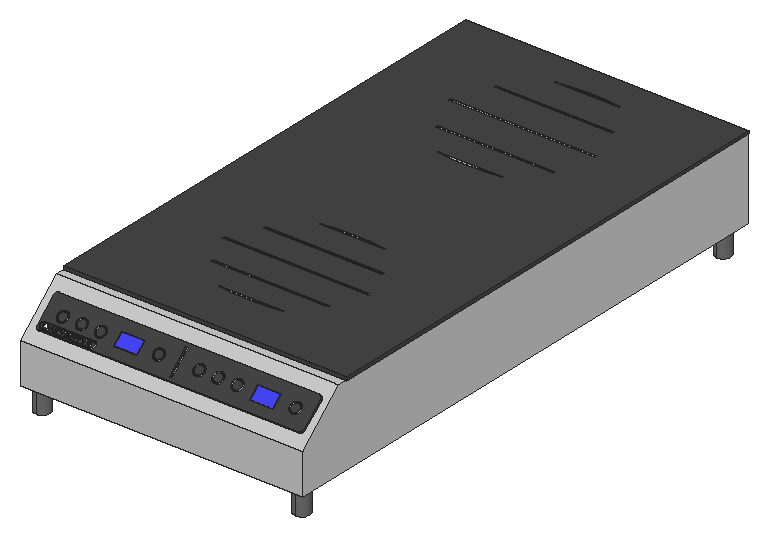
Revit family "QF_ADVENTYS_GL2_7000_F_250901092629", category Specialty Equipment, Revit 2021
Family settings
  Round Connector Dimension = Use Diameter
  Part Type = Normal
  OmniClass Number = 23.40.40.14
  OmniClass Title = Food Service Equipment
  Work Plane-Based = No
  Always vertical = Yes
  Cut with Voids When Loaded = No
  Shared = No
  Room Calculation Point = No
Parameters (values of type "ADV1755")
  Weight in Pounds [instance] = 0
  Weight = 12.00 kg
  Warranty Start Date [instance] = ""
  Warranty Duration [instance] = ""
  Volts [instance] = 240 V
  URL Recommended Spares List = ""
  URL Manufacturer = ""
  URL Cutsheet = ""
  URL Critical Spares List = ""
  URL = "www.adventys.com"
  Tag Number [instance] = ""
  Status [instance] = ""
  Specification by User [instance] = ""
  Specification by Manufacturer [instance] = ""
  Sound Level [instance] = ""
  Solid Fuel Type [instance] = ""
  Service Life Duration [instance] = ""
  Serial Number [instance] = ""
  Seismic Rating [instance] = ""
  SMACNA No [instance] = ""
  Revision Code [instance] = ""
  Revision [instance] = ""
  Production Year [instance] = ""
  Point Load [instance] = 0
  Phase [instance] = 1
  Other Equipment Approvals [instance] = ""
  Number of Poles [instance] = 2
  NAFEM Spec ID Number [instance] = ""
  Model Warning [instance] = ""
  Model = "GL2 7000 F"
  Min Ckt Ampacity [instance] = 0 A
  Max Overcurrent Protection [instance] = 32 A
  Masterspec [instance] = ""
  Manufacturer = "ADVENTYS"
  Length Actual = 370 mm
  Item Number [instance] = ""
  Installed By [instance] = ""
  Installation Date [instance] = ""
  Identify Quantity as Lot [instance] = no
  ID [instance] = ""
  Hygiene Approval [instance] = ""
  Hot Water Consumption = 0.0 L/s
  Height Actual = 140 mm
  HP power [instance] = ""
  Furnished By [instance] = ""
  Foodservice Equipment Identifier [instance] = no
  FL Amps [instance] = 29 A
  Electrical Remarks [instance] = "Plug not included"
  Electric power [instance] = 0 W
  Electric Connection Type [instance] = "Cord&Plug"
  Elec Conn RI Height [instance] = 0 mm
  Elec Conn Connection Height [instance] = 0 mm
  ETL Approved [instance] = no
  Description = "FREE-STANDING INDUCTION HOB TWO ZONE"
  Depth Actual = 730 mm
  Default Elevation = 0 mm
  Cycle [instance] = 60 Hz
  Cost = 0
  Conn Plug [instance] = ""
  Conn Conduit [instance] = no
  CSI MasterFormat [instance] = ""
  CE Approved [instance] = no
  Barcode [instance] = 0
  Author [instance] = ""
  Asset Identifier [instance] = ""
  Apparent Power [instance] = 7000 VA
  Accessory = no
Reference planes
  plane 1 "Center (Front/Back)": y = 0
  plane 2: z = 0
  plane 3 "Center (Left/Right)": x = 0
Forms (mm)
  Extrusion 1, solid, not visible
    sketch origin (55.003, -404.02, 33.002) x (1, 0, 0) y (0, 1, 0)
      loop
        line (-2, 2) -> (-2, -2) -> (2, -2) -> (2, 2) -> (-2, 2)
    from -2 to 2
Dimensions and locks
  locked: nested 2 to Extrusion 1 at 2  (x2)
  aligned and locked: level to plane 2
Nested families
  nested 1: "QF_ADVENTYS_ADV1755_2916" at (0, -2, 0), type "ADV1755"
    with Status "", Show Logo yes, Show Clearance yes
  nested 2: "CONN_POINT_ELE_2D___Generic_Annotation" at (55.003, -404.02, 31.002), type "CONN_POINT_ELE_2D___Generic_Annotation"
    with Onboard connection annotation symbol visibility yes
Connectors
  electrical at (55.003, -404.02, 31.002), driven by "Apparent Power", driven by "Number of Poles", driven by "Volts"
    settings: on Extrusion 1, index 1, voltage 240 V, apparent load 0 VA, apparent load phase1 7000 VA, apparent load phase2 0 VA, apparent load phase3 0 VA, power factor 1, load classification "Other", number of poles 2, system type 31, power factor state 1, is connector primary yes, connector utility no, sub classification motor no, connector description "Electrical connection for GL2 7000 F"
Definition of nested family "QF_ADVENTYS_ADV1755_2916"
  Parameters (values of type "ADV1755")
    URL = "www.adventys.com"
    Status [instance] = ""
    Show Logo [instance] = yes
    Show Clearance [instance] = yes
    Model = "GL2 7000 F"
    Manufacturer = "ADVENTYS"
    Description = "FREE-STANDING INDUCTION HOB TWO ZONE"
    Default Elevation = 0 mm
    Author = "SPECIFI"
    Assembly Code = "E1090320"
  Reference planes
    plane 1 "Back": y = 2
    plane 2: z = 0
    plane 3 "Left": x = 0
    plane 4 "Right": x = 369.825
    plane 5 "Front": y = -728.05
    plane 6 "Top": z = 140
  Forms (mm)
    Extrusion 1, solid
      sketch origin (0, 597, 0.7) x (0, 1, 0) y (0, 0, 1)
        loop
          line (-1325.05, 30) -> (-595, 30) -> (-595, 135) -> (-1235, 135) -> (-1265, 135) -> (-1325.05, 82.799) -> (-1325.05, 30)
      from 0 to 369.825
    Extrusion 2, solid
      sketch origin (0, 597, 0.7) x (1, 0, 0) y (0, 1, 0)
        loop
          line (0, -1253.043) -> (369.825, -1253.043) -> (369.825, -595) -> (0, -595) -> (0, -1253.043)
        loop
          line (149.048, -1020.428) -> (234.048, -1020.428)
          arc (234.048, -1020.428) -> (210.786, -1017.265) -> (187.31, -1017.081) r 184.556
          arc (187.31, -1017.081) -> (168.08, -1017.615) -> (149.048, -1020.428) r 161.697
        loop
          line (264.181, -1060.585) -> (110, -1060.585) -> (110, -1063.011) -> (264.181, -1063.011) -> (264.181, -1060.585)
        loop
          line (280.876, -1103.085) -> (90, -1103.085) -> (90, -1105.511) -> (280.876, -1105.511) -> (280.876, -1103.085)
        loop
          line (264.181, -1148.085) -> (110, -1148.085) -> (110, -1150.511) -> (264.181, -1150.511) -> (264.181, -1148.085)
        loop
          line (234.048, -1185.831) -> (149.048, -1185.831)
          arc (149.048, -1185.831) -> (172.311, -1188.994) -> (195.787, -1189.178) r 184.556
          arc (195.787, -1189.178) -> (215.017, -1188.645) -> (234.048, -1185.831) r 161.697
        loop
          arc (149.048, -827.081) -> (172.311, -830.244) -> (195.787, -830.428) r 184.556
          arc (195.787, -830.428) -> (215.017, -829.895) -> (234.048, -827.081) r 161.697
          line (234.048, -827.081) -> (149.048, -827.081)
        loop
          line (115, -788.011) -> (269.181, -788.011) -> (269.181, -785.585) -> (115, -785.585) -> (115, -788.011)
        loop
          line (90, -735.511) -> (280.876, -735.511) -> (280.876, -733.085) -> (90, -733.085) -> (90, -735.511)
        loop
          line (110, -685.511) -> (264.181, -685.511) -> (264.181, -683.085) -> (110, -683.085) -> (110, -685.511)
        loop
          line (151.548, -639.178) -> (236.548, -639.178)
          arc (236.548, -639.178) -> (213.286, -636.015) -> (189.81, -635.831) r 184.556
          arc (189.81, -635.831) -> (170.58, -636.365) -> (151.548, -639.178) r 161.697
      from 135 to 139.3
    Revolve 3, solid
      sketch origin (15, 589.5, 0) x (0, 1, 0) y (0, 0, 1)
        loop
          line (-1300.05, 30.7) -> (-1300.05, 0) -> (-1290.05, 0) -> (-1290.05, 30.7) -> (-1300.05, 30.7)
        axis (-1300.05, 30.7) -> (-1300.05, 0)
      angle from 0 to 360
    Revolve 4, solid
      sketch origin (355, 589.5, 0) x (0, 1, 0) y (0, 0, 1)
        loop
          line (-1300.05, 30.7) -> (-1300.05, 0) -> (-1290.05, 0) -> (-1290.05, 30.7) -> (-1300.05, 30.7)
        axis (-1300.05, 30.7) -> (-1300.05, 0)
      angle from 0 to 360
    Revolve 5, solid
      sketch origin (355, 1279.5, 0) x (0, 1, 0) y (0, 0, 1)
        loop
          line (-1300.05, 30.7) -> (-1300.05, 0) -> (-1290.05, 0) -> (-1290.05, 30.7) -> (-1300.05, 30.7)
        axis (-1300.05, 30.7) -> (-1300.05, 0)
      angle from 0 to 360
    Revolve 6, solid
      sketch origin (15, 1279.5, 0) x (0, 1, 0) y (0, 0, 1)
        loop
          line (-1300.05, 30.7) -> (-1300.05, 0) -> (-1290.05, 0) -> (-1290.05, 30.7) -> (-1300.05, 30.7)
        axis (-1300.05, 30.7) -> (-1300.05, 0)
      angle from 0 to 360
    Extrusion 7, solid
      sketch origin (0, 597, 0.7) x (0, 1, 0) y (0, 0, 1)
        loop
          line (-635, 30) -> (-752.168, 30) -> (-720, 15) -> (-635, 15) -> (-635, 30)
      from 52.846 to 318.58
    Extrusion 8, solid
      sketch origin (0, 597, 0.7) x (0, 1, 0) y (0, 0, 1)
        loop
          line (-880, 30) -> (-1005, 30) -> (-1005, 20) -> (-880, 20) -> (-880, 30)
      from 73.72 to 300.835
    Extrusion 9, solid
      sketch origin (0, 597, 0.7) x (0, 1, 0) y (0, 0, 1)
        loop
          line (-1285.05, 30) -> (-1285.05, 20) -> (-1125.05, 20) -> (-1125.05, 30) -> (-1285.05, 30)
      from 73.72 to 300.835
    Extrusion 10, solid
      sketch origin (0, 597, 0.7) x (1, 0, 0) y (0, 1, 0)
        loop
          circle (55, -999.55) r 17.001
      from 30 to 41.127
    Extrusion 11, solid
      sketch origin (0, 597, 0.7) x (1, 0, 0) y (0, 1, 0)
        loop
          arc (236.548, -639.178) -> (213.286, -636.015) -> (189.81, -635.831) r 184.556
          arc (189.81, -635.831) -> (170.58, -636.365) -> (151.548, -639.178) r 161.697
          line (151.548, -639.178) -> (236.548, -639.178)
        loop
          line (264.181, -685.511) -> (264.181, -683.085) -> (110, -683.085) -> (110, -685.511) -> (264.181, -685.511)
        loop
          line (280.876, -733.085) -> (90, -733.085) -> (90, -735.511) -> (280.876, -735.511) -> (280.876, -733.085)
        loop
          line (115, -788.011) -> (269.181, -788.011) -> (269.181, -785.585) -> (115, -785.585) -> (115, -788.011)
        loop
          arc (149.048, -827.081) -> (172.311, -830.244) -> (195.787, -830.428) r 184.556
          arc (195.787, -830.428) -> (215.017, -829.895) -> (234.048, -827.081) r 161.697
          line (234.048, -827.081) -> (149.048, -827.081)
        loop
          arc (234.048, -1020.428) -> (210.786, -1017.265) -> (187.31, -1017.081) r 184.556
          arc (187.31, -1017.081) -> (168.08, -1017.615) -> (149.048, -1020.428) r 161.697
          line (149.048, -1020.428) -> (234.048, -1020.428)
        loop
          line (264.181, -1063.011) -> (264.181, -1060.585) -> (110, -1060.585) -> (110, -1063.011) -> (264.181, -1063.011)
        loop
          line (280.876, -1103.085) -> (90, -1103.085) -> (90, -1105.511) -> (280.876, -1105.511) -> (280.876, -1103.085)
        loop
          line (110, -1150.511) -> (264.181, -1150.511) -> (264.181, -1148.085) -> (110, -1148.085) -> (110, -1150.511)
        loop
          line (234.048, -1185.831) -> (149.048, -1185.831)
          arc (149.048, -1185.831) -> (172.311, -1188.994) -> (195.787, -1189.178) r 184.556
          arc (195.787, -1189.178) -> (215.017, -1188.645) -> (234.048, -1185.831) r 161.697
      from 135 to 139.3
    Extrusion 12, solid
      sketch origin (-82.5, -343.432, 228.366) x (1, 0, 0) y (0, 0.75471, 0.656059)
        loop
          arc (97.5, -323.032) -> (93.964, -324.496) -> (92.5, -328.032) r 5
          line (92.5, -328.032) -> (92.5, -363.032)
          arc (92.5, -363.032) -> (93.964, -366.568) -> (97.5, -368.032) r 5
          line (97.5, -368.032) -> (437.325, -368.032)
          arc (437.325, -368.032) -> (440.861, -366.568) -> (442.325, -363.032) r 5
          line (442.325, -363.032) -> (442.325, -328.032)
          arc (442.325, -328.032) -> (440.861, -324.496) -> (437.325, -323.032) r 5
          line (437.325, -323.032) -> (97.5, -323.032)
        loop
          circle (140.135, -345.532) r 6
        loop
          circle (140.135, -345.532) r 7
        loop
          circle (165.135, -345.532) r 7
        loop
          circle (165.135, -345.532) r 6
        loop
          circle (241.135, -345.532) r 6
        loop
          circle (241.135, -345.532) r 7
        loop
          line (217.417, -337.336) -> (187.417, -337.336) -> (187.417, -354.836) -> (217.417, -354.836) -> (217.417, -337.336)
        loop
          circle (115.135, -345.532) r 6
        loop
          circle (115.135, -345.532) r 7
        loop
          circle (318.885, -345.532) r 6
        loop
          circle (318.885, -345.532) r 7
        loop
          circle (343.885, -345.532) r 7
        loop
          circle (343.885, -345.532) r 6
        loop
          circle (419.885, -345.532) r 6
        loop
          circle (419.885, -345.532) r 7
        loop
          line (396.167, -337.336) -> (366.167, -337.336) -> (366.167, -354.836) -> (396.167, -354.836) -> (396.167, -337.336)
        loop
          circle (293.885, -345.532) r 6
        loop
          circle (293.885, -345.532) r 7
        loop
          line (268.413, -328.032) -> (266.413, -328.032) -> (266.413, -363.032) -> (268.413, -363.032) -> (268.413, -328.032)
      from 143 to 145
    Extrusion 13, solid
      sketch origin (-57.5, -343.432, 228.366) x (1, 0, 0) y (0, 0.75471, 0.656059)
        loop
          circle (216.135, -345.532) r 6
        loop
          circle (216.135, -345.532) r 7
        loop
          circle (90.135, -345.532) r 6
        loop
          circle (115.135, -345.532) r 6
        loop
          circle (90.135, -345.532) r 7
        loop
          circle (115.135, -345.532) r 7
        loop
          circle (140.135, -345.532) r 6
        loop
          circle (140.135, -345.532) r 7
        loop
          line (241.413, -328.032) -> (241.413, -363.032) -> (243.413, -363.032) -> (243.413, -328.032) -> (241.413, -328.032)
        loop
          circle (394.885, -345.532) r 6
        loop
          circle (394.885, -345.532) r 7
        loop
          circle (268.885, -345.532) r 6
        loop
          circle (293.885, -345.532) r 6
        loop
          circle (268.885, -345.532) r 7
        loop
          circle (293.885, -345.532) r 7
        loop
          circle (318.885, -345.532) r 6
        loop
          circle (318.885, -345.532) r 7
      from 143 to 145
    Extrusion 14, solid, visible <- "Show Logo"
      sketch origin (-70.73, -275.591, 245.243) x (1, 0, 0) y (0, 0.75471, 0.656059)
        loop
          arc (88.7, -421.254) -> (88.222, -421.452) -> (88.024, -421.93) r 0.676
          line (88.024, -421.93) -> (88.024, -423.602)
          arc (88.024, -423.602) -> (88.232, -424.091) -> (88.729, -424.278) r 0.676
          line (88.729, -424.278) -> (88.729, -423.012)
          arc (88.729, -423.012) -> (89.079, -422.316) -> (89.806, -422.035) r 1.082
          line (89.806, -422.035) -> (92.693, -422.035)
          arc (92.693, -422.035) -> (92.539, -421.491) -> (92.025, -421.254) r 0.676
          line (92.025, -421.254) -> (88.7, -421.254)
        loop
          arc (88.7, -420.848) -> (87.935, -421.165) -> (87.618, -421.93) r 1.082
          line (87.618, -421.93) -> (87.618, -423.602)
          arc (87.618, -423.602) -> (87.945, -424.378) -> (88.729, -424.684) r 1.082
          arc (88.729, -424.684) -> (89.006, -425.518) -> (89.811, -425.871) r 1.082
          arc (89.811, -425.871) -> (90.124, -426.642) -> (90.893, -426.963) r 1.082
          line (90.893, -426.963) -> (93.953, -426.963)
          arc (93.953, -426.963) -> (94.718, -426.646) -> (95.035, -425.881) r 1.082
          line (95.035, -425.881) -> (95.035, -424.315)
          arc (95.035, -424.315) -> (94.714, -423.546) -> (93.942, -423.233) r 1.082
          arc (93.942, -423.233) -> (93.745, -422.485) -> (93.099, -422.06) r 1.082
          arc (93.099, -422.06) -> (92.835, -421.213) -> (92.025, -420.848) r 1.082
          line (92.025, -420.848) -> (88.7, -420.848)
        loop
          arc (93.953, -426.557) -> (94.431, -426.359) -> (94.629, -425.881) r 0.676
          line (94.629, -425.881) -> (94.629, -424.315)
          arc (94.629, -424.315) -> (94.43, -423.835) -> (93.948, -423.638) r 0.676
          line (93.948, -423.638) -> (93.948, -424.789)
          arc (93.948, -424.789) -> (93.631, -425.554) -> (92.866, -425.871) r 1.082
          line (92.866, -425.871) -> (90.216, -425.871)
          arc (90.216, -425.871) -> (90.411, -426.355) -> (90.893, -426.557) r 0.676
          line (90.893, -426.557) -> (93.953, -426.557)
        loop
          arc (95.821, -425.184) -> (95.863, -425.723) -> (96.404, -425.709) r 0.393
          line (96.404, -425.709) -> (97.15, -424.963) -> (100.112, -424.963) -> (100.858, -425.709)
          arc (100.858, -425.709) -> (101.399, -425.723) -> (101.441, -425.184) r 0.393
          line (101.441, -425.184) -> (98.631, -421.714) -> (95.821, -425.184)
        loop
          line (98.631, -423.109) -> (97.68, -424.283) -> (99.582, -424.283) -> (98.631, -423.109)
        loop
          line (102.743, -421.78) -> (102.743, -425.773) -> (106.505, -425.773)
          arc (106.505, -425.773) -> (108.501, -423.776) -> (106.505, -421.78) r 1.997
          line (106.505, -421.78) -> (102.743, -421.78)
        loop
          line (106.505, -422.83) -> (103.793, -422.83) -> (103.793, -424.722) -> (106.505, -424.722)
          arc (106.505, -424.722) -> (107.451, -423.776) -> (106.505, -422.83) r 0.946
        loop
          arc (110.437, -422.011) -> (109.896, -421.997) -> (109.854, -422.536) r 0.393
          line (109.854, -422.536) -> (112.664, -426.006) -> (115.474, -422.536)
          arc (115.474, -422.536) -> (115.432, -421.997) -> (114.891, -422.011) r 0.393
          line (114.891, -422.011) -> (112.664, -424.762) -> (110.437, -422.011)
        loop
          line (122.122, -421.733) -> (116.807, -421.733) -> (116.807, -425.773) -> (122.122, -425.773)
          arc (122.122, -425.773) -> (122.533, -425.362) -> (122.122, -424.952) r 0.41
          line (122.122, -424.952) -> (117.728, -424.952) -> (117.728, -424.143) -> (122.122, -424.143)
          arc (122.122, -424.143) -> (122.494, -423.772) -> (122.122, -423.401) r 0.371
          line (122.122, -423.401) -> (117.728, -423.401) -> (117.728, -422.553) -> (122.122, -422.553)
          arc (122.122, -422.553) -> (122.533, -422.143) -> (122.122, -421.733) r 0.41
        loop
          line (123.768, -422.295) -> (123.768, -425.304)
          arc (123.768, -425.304) -> (124.205, -425.74) -> (124.641, -425.304) r 0.437
          line (124.641, -425.304) -> (124.641, -423.104) -> (128.532, -425.535)
          arc (128.532, -425.535) -> (129.163, -425.551) -> (129.483, -425.008) r 0.622
          line (129.483, -425.008) -> (129.483, -422.216)
          arc (129.483, -422.216) -> (129.023, -421.756) -> (128.563, -422.216) r 0.46
          line (128.563, -422.216) -> (128.563, -424.346) -> (124.57, -421.851)
          arc (124.57, -421.851) -> (124.038, -421.837) -> (123.768, -422.295) r 0.524
        loop
          arc (131.328, -421.811) -> (130.822, -422.316) -> (131.328, -422.822) r 0.506
          line (131.328, -422.822) -> (133.16, -422.822) -> (133.16, -425.108)
          arc (133.16, -425.108) -> (133.647, -425.594) -> (134.133, -425.108) r 0.486
          line (134.133, -425.108) -> (134.133, -422.822) -> (135.879, -422.822)
          arc (135.879, -422.822) -> (136.384, -422.316) -> (135.879, -421.811) r 0.506
          line (135.879, -421.811) -> (131.328, -421.811)
        loop
          line (140.723, -423.158) -> (138.718, -421.806)
          arc (138.718, -421.806) -> (138.039, -421.938) -> (138.171, -422.617) r 0.489
          line (138.171, -422.617) -> (140.176, -423.97) -> (140.176, -425.134)
          arc (140.176, -425.134) -> (140.723, -425.682) -> (141.27, -425.134) r 0.547
          line (141.27, -425.134) -> (141.27, -423.97) -> (143.275, -422.617)
          arc (143.275, -422.617) -> (143.407, -421.938) -> (142.728, -421.806) r 0.489
          line (142.728, -421.806) -> (140.723, -423.158)
        loop
          line (149.966, -421.811) -> (146.176, -421.811)
          arc (146.176, -421.811) -> (145.017, -422.97) -> (146.176, -424.129) r 1.159
          line (146.176, -424.129) -> (149.302, -424.129)
          arc (149.302, -424.129) -> (149.724, -424.551) -> (149.302, -424.973) r 0.422
          line (149.302, -424.973) -> (145.494, -424.973)
          arc (145.494, -424.973) -> (145.145, -425.323) -> (145.494, -425.672) r 0.349
          line (145.494, -425.672) -> (149.676, -425.672)
          arc (149.676, -425.672) -> (150.47, -424.404) -> (149.336, -423.429) r 1.147
          line (149.336, -423.429) -> (146.116, -423.429)
          arc (146.116, -423.429) -> (145.656, -422.969) -> (146.116, -422.509) r 0.46
          line (146.116, -422.509) -> (149.966, -422.509)
          arc (149.966, -422.509) -> (150.315, -422.16) -> (149.966, -421.811) r 0.349
        loop
          arc (87.536, -420.077) -> (83.683, -423.931) -> (87.536, -427.784) r 3.853
          line (87.536, -427.784) -> (151.604, -427.784)
          arc (151.604, -427.784) -> (155.457, -423.931) -> (151.604, -420.077) r 3.853
          line (151.604, -420.077) -> (87.536, -420.077)
        loop
          arc (87.536, -419.677) -> (83.283, -423.931) -> (87.536, -428.184) r 4.253
          line (87.536, -428.184) -> (151.604, -428.184)
          arc (151.604, -428.184) -> (155.857, -423.931) -> (151.604, -419.677) r 4.253
          line (151.604, -419.677) -> (87.536, -419.677)
      from 176.77 to 176.97
    Extrusion 15, solid
      sketch origin (12.522, -343.432, 228.366) x (1, 0, 0) y (0, 0.75471, 0.656059)
        loop
          line (92.395, -337.336) -> (92.395, -354.836) -> (122.395, -354.836) -> (122.395, -337.336) -> (92.395, -337.336)
      from 143 to 145
    Extrusion 16, solid
      sketch origin (191.272, -343.432, 228.366) x (1, 0, 0) y (0, 0.75471, 0.656059)
        loop
          line (92.395, -337.336) -> (92.395, -354.836) -> (122.395, -354.836) -> (122.395, -337.336) -> (92.395, -337.336)
      from 143 to 145
  Lines and regions (mm)
    symbolic lines
      curve 1: line (0, 2, 0) -> (369.825, 2, 0)
      curve 2: line (369.825, 2, 0) -> (369.825, -728.05, 0)
      curve 3: line (369.825, -728.05, 0) -> (0, -728.05, 0)
      curve 4: line (0, -728.05, 0) -> (0, 2, 0)
      curve 5: line (0, -668, 0) -> (369.825, -668, 0)
      curve 6: line (0, -656.043, 0) -> (369.825, -656.043, 0)
      curve 7: line (234.048, -588.831, 0) -> (149.048, -588.831, 0)
      curve 8: arc (149.048, -588.831, 0) -> (172.311, -591.994, 0) -> (195.787, -592.178, 0) r 184.556
      curve 9: arc (195.787, -592.178, 0) -> (215.017, -591.645, 0) -> (234.048, -588.831, 0) r 161.697
      curve 10: line (110, -553.511, 0) -> (264.181, -553.511, 0)
      curve 11: line (264.181, -551.085, 0) -> (110, -551.085, 0)
      curve 12: line (264.181, -553.511, 0) -> (264.181, -551.085, 0)
      curve 13: line (110, -551.085, 0) -> (110, -553.511, 0)
      curve 14: line (280.876, -506.085, 0) -> (90, -506.085, 0)
      curve 15: line (90, -506.085, 0) -> (90, -508.511, 0)
      curve 16: line (280.876, -508.511, 0) -> (280.876, -506.085, 0)
      curve 17: line (90, -508.511, 0) -> (280.876, -508.511, 0)
      curve 18: line (110, -466.011, 0) -> (264.181, -466.011, 0)
      curve 19: line (264.181, -466.011, 0) -> (264.181, -463.585, 0)
      curve 20: line (264.181, -463.585, 0) -> (110, -463.585, 0)
      curve 21: line (110, -463.585, 0) -> (110, -466.011, 0)
      curve 22: line (149.048, -423.428, 0) -> (234.048, -423.428, 0)
      curve 23: arc (187.31, -420.081, 0) -> (168.08, -420.615, 0) -> (149.048, -423.428, 0) r 161.697
      curve 24: arc (234.048, -423.428, 0) -> (210.786, -420.265, 0) -> (187.31, -420.081, 0) r 184.556
      curve 25: arc (149.048, -230.081, 0) -> (172.311, -233.244, 0) -> (195.787, -233.428, 0) r 184.556
      curve 26: arc (195.787, -233.428, 0) -> (215.017, -232.895, 0) -> (234.048, -230.081, 0) r 161.697
      curve 27: line (234.048, -230.081, 0) -> (149.048, -230.081, 0)
      curve 28: line (115, -191.011, 0) -> (269.181, -191.011, 0)
      curve 29: line (115, -188.585, 0) -> (115, -191.011, 0)
      curve 30: line (269.181, -188.585, 0) -> (115, -188.585, 0)
      curve 31: line (269.181, -191.011, 0) -> (269.181, -188.585, 0)
      curve 32: line (90, -138.511, 0) -> (280.876, -138.511, 0)
      curve 33: line (280.876, -136.085, 0) -> (90, -136.085, 0)
      curve 34: line (280.876, -138.511, 0) -> (280.876, -136.085, 0)
      curve 35: line (90, -136.085, 0) -> (90, -138.511, 0)
      curve 36: line (110, -88.511, 0) -> (264.181, -88.511, 0)
      curve 37: line (110, -86.085, 0) -> (110, -88.511, 0)
      curve 38: line (264.181, -86.085, 0) -> (110, -86.085, 0)
      curve 39: line (264.181, -88.511, 0) -> (264.181, -86.085, 0)
      curve 40: line (151.548, -42.178, 0) -> (236.548, -42.178, 0)
      curve 41: arc (236.548, -42.178, 0) -> (213.286, -39.015, 0) -> (189.81, -38.831, 0) r 184.556
      curve 42: arc (189.81, -38.831, 0) -> (170.58, -39.365, 0) -> (151.548, -42.178, 0) r 161.697
      curve 43: spline (15, -682.356, 0) -> (14.347, -682.388, 0) -> (13.706, -682.485, 0) -> (13.087, -682.643, 0) -> (12.5, -682.862, 0) -> (11.956, -683.136, 0) -> (11.464, -683.461, 0) -> (11.033, -683.832, 0) -> (10.67, -684.243, 0) -> (10.381, -684.686, 0) -> (10.17, -685.153, 0) -> (10.043, -685.637, 0) -> (10, -686.13, 0)
      curve 44: line (10, -686.13, 0) -> (10, -712.545, 0)
      curve 45: spline (10, -712.545, 0) -> (10.043, -713.037, 0) -> (10.17, -713.521, 0) -> (10.381, -713.989, 0) -> (10.67, -714.431, 0) -> (11.033, -714.842, 0) -> (11.464, -715.213, 0) -> (11.956, -715.538, 0) -> (12.5, -715.812, 0) -> (13.087, -716.031, 0) -> (13.706, -716.189, 0) -> (14.347, -716.286, 0) -> (15, -716.318, 0)
      curve 46: line (15, -716.318, 0) -> (354.825, -716.318, 0)
      curve 47: line (354.825, -682.356, 0) -> (15, -682.356, 0)
      curve 48: spline (359.825, -686.13, 0) -> (359.783, -685.637, 0) -> (359.655, -685.153, 0) -> (359.445, -684.686, 0) -> (359.156, -684.243, 0) -> (358.792, -683.832, 0) -> (358.361, -683.461, 0) -> (357.869, -683.136, 0) -> (357.325, -682.862, 0) -> (356.739, -682.643, 0) -> (356.12, -682.485, 0) -> (355.478, -682.388, 0) -> (354.825, -682.356, 0)
      curve 49: line (359.825, -712.545, 0) -> (359.825, -686.13, 0)
      curve 50: spline (354.825, -716.318, 0) -> (355.478, -716.286, 0) -> (356.12, -716.189, 0) -> (356.739, -716.031, 0) -> (357.325, -715.812, 0) -> (357.869, -715.538, 0) -> (358.361, -715.213, 0) -> (358.792, -714.842, 0) -> (359.156, -714.431, 0) -> (359.445, -713.989, 0) -> (359.655, -713.521, 0) -> (359.783, -713.037, 0) -> (359.825, -712.545, 0)
      curve 51: spline (344.385, -699.337, 0) -> (344.146, -697.97, 0) -> (343.447, -696.696, 0) -> (342.334, -695.601, 0) -> (340.885, -694.762, 0) -> (339.196, -694.234, 0) -> (337.385, -694.054, 0) -> (335.573, -694.234, 0) -> (333.885, -694.762, 0) -> (332.435, -695.601, 0) -> (331.322, -696.696, 0) -> (330.623, -697.97, 0) -> (330.385, -699.337, 0)
      curve 52: spline (330.385, -699.337, 0) -> (330.623, -700.704, 0) -> (331.322, -701.979, 0) -> (332.435, -703.073, 0) -> (333.885, -703.912, 0) -> (335.573, -704.44, 0) -> (337.385, -704.62, 0) -> (339.196, -704.44, 0) -> (340.885, -703.912, 0) -> (342.334, -703.073, 0) -> (343.447, -701.979, 0) -> (344.146, -700.704, 0) -> (344.385, -699.337, 0)
      curve 53: spline (343.385, -699.337, 0) -> (343.18, -698.165, 0) -> (342.581, -697.073, 0) -> (341.627, -696.135, 0) -> (340.385, -695.416, 0) -> (338.938, -694.963, 0) -> (337.385, -694.809, 0) -> (335.832, -694.963, 0) -> (334.385, -695.416, 0) -> (333.142, -696.135, 0) -> (332.188, -697.073, 0) -> (331.589, -698.165, 0) -> (331.385, -699.337, 0)
      curve 54: spline (343.385, -699.337, 0) -> (343.18, -700.509, 0) -> (342.581, -701.601, 0) -> (341.627, -702.539, 0) -> (340.385, -703.259, 0) -> (338.938, -703.711, 0) -> (337.385, -703.865, 0) -> (335.832, -703.711, 0) -> (334.385, -703.259, 0) -> (333.142, -702.539, 0) -> (332.188, -701.601, 0) -> (331.589, -700.509, 0) -> (331.385, -699.337, 0)
      curve 55: line (313.667, -706.359, 0) -> (313.667, -693.151, 0)
      curve 56: line (313.667, -693.151, 0) -> (283.667, -693.151, 0)
      curve 57: line (283.667, -693.151, 0) -> (283.667, -706.359, 0)
      curve 58: line (283.667, -706.359, 0) -> (313.667, -706.359, 0)
      curve 59: spline (268.385, -699.337, 0) -> (268.146, -697.97, 0) -> (267.447, -696.696, 0) -> (266.334, -695.601, 0) -> (264.885, -694.762, 0) -> (263.196, -694.234, 0) -> (261.385, -694.054, 0) -> (259.573, -694.234, 0) -> (257.885, -694.762, 0) -> (256.435, -695.601, 0) -> (255.322, -696.696, 0) -> (254.623, -697.97, 0) -> (254.385, -699.337, 0)
      curve 60: spline (255.385, -699.337, 0) -> (255.589, -698.165, 0) -> (256.188, -697.073, 0) -> (257.142, -696.135, 0) -> (258.385, -695.416, 0) -> (259.832, -694.963, 0) -> (261.385, -694.809, 0) -> (262.938, -694.963, 0) -> (264.385, -695.416, 0) -> (265.627, -696.135, 0) -> (266.581, -697.073, 0) -> (267.18, -698.165, 0) -> (267.385, -699.337, 0)
      curve 61: spline (267.385, -699.337, 0) -> (267.18, -700.509, 0) -> (266.581, -701.601, 0) -> (265.627, -702.539, 0) -> (264.385, -703.259, 0) -> (262.938, -703.711, 0) -> (261.385, -703.865, 0) -> (259.832, -703.711, 0) -> (258.385, -703.259, 0) -> (257.142, -702.539, 0) -> (256.188, -701.601, 0) -> (255.589, -700.509, 0) -> (255.385, -699.337, 0)
      curve 62: spline (254.385, -699.337, 0) -> (254.623, -700.704, 0) -> (255.322, -701.979, 0) -> (256.435, -703.073, 0) -> (257.885, -703.912, 0) -> (259.573, -704.44, 0) -> (261.385, -704.62, 0) -> (263.196, -704.44, 0) -> (264.885, -703.912, 0) -> (266.334, -703.073, 0) -> (267.447, -701.979, 0) -> (268.146, -700.704, 0) -> (268.385, -699.337, 0)
      curve 63: spline (243.385, -699.337, 0) -> (243.146, -697.97, 0) -> (242.447, -696.696, 0) -> (241.334, -695.601, 0) -> (239.885, -694.762, 0) -> (238.196, -694.234, 0) -> (236.385, -694.054, 0) -> (234.573, -694.234, 0) -> (232.885, -694.762, 0) -> (231.435, -695.601, 0) -> (230.322, -696.696, 0) -> (229.623, -697.97, 0) -> (229.385, -699.337, 0)
      curve 64: spline (230.385, -699.337, 0) -> (230.589, -698.165, 0) -> (231.188, -697.073, 0) -> (232.142, -696.135, 0) -> (233.385, -695.416, 0) -> (234.832, -694.963, 0) -> (236.385, -694.809, 0) -> (237.938, -694.963, 0) -> (239.385, -695.416, 0) -> (240.627, -696.135, 0) -> (241.581, -697.073, 0) -> (242.18, -698.165, 0) -> (242.385, -699.337, 0)
      curve 65: spline (230.385, -699.337, 0) -> (230.589, -700.509, 0) -> (231.188, -701.601, 0) -> (232.142, -702.539, 0) -> (233.385, -703.259, 0) -> (234.832, -703.711, 0) -> (236.385, -703.865, 0) -> (237.938, -703.711, 0) -> (239.385, -703.259, 0) -> (240.627, -702.539, 0) -> (241.581, -701.601, 0) -> (242.18, -700.509, 0) -> (242.385, -699.337, 0)
      curve 66: spline (229.385, -699.337, 0) -> (229.623, -700.704, 0) -> (230.322, -701.979, 0) -> (231.435, -703.073, 0) -> (232.885, -703.912, 0) -> (234.573, -704.44, 0) -> (236.385, -704.62, 0) -> (238.196, -704.44, 0) -> (239.885, -703.912, 0) -> (241.334, -703.073, 0) -> (242.447, -701.979, 0) -> (243.146, -700.704, 0) -> (243.385, -699.337, 0)
      curve 67: spline (218.385, -699.337, 0) -> (218.146, -697.97, 0) -> (217.447, -696.696, 0) -> (216.334, -695.601, 0) -> (214.885, -694.762, 0) -> (213.196, -694.234, 0) -> (211.385, -694.054, 0) -> (209.573, -694.234, 0) -> (207.885, -694.762, 0) -> (206.435, -695.601, 0) -> (205.322, -696.696, 0) -> (204.623, -697.97, 0) -> (204.385, -699.337, 0)
      curve 68: spline (205.385, -699.337, 0) -> (205.589, -698.165, 0) -> (206.188, -697.073, 0) -> (207.142, -696.135, 0) -> (208.385, -695.416, 0) -> (209.832, -694.963, 0) -> (211.385, -694.809, 0) -> (212.938, -694.963, 0) -> (214.385, -695.416, 0) -> (215.627, -696.135, 0) -> (216.581, -697.073, 0) -> (217.18, -698.165, 0) -> (217.385, -699.337, 0)
      curve 69: spline (204.385, -699.337, 0) -> (204.623, -700.704, 0) -> (205.322, -701.979, 0) -> (206.435, -703.073, 0) -> (207.885, -703.912, 0) -> (209.573, -704.44, 0) -> (211.385, -704.62, 0) -> (213.196, -704.44, 0) -> (214.885, -703.912, 0) -> (216.334, -703.073, 0) -> (217.447, -701.979, 0) -> (218.146, -700.704, 0) -> (218.385, -699.337, 0)
      curve 70: spline (217.385, -699.337, 0) -> (217.18, -700.509, 0) -> (216.581, -701.601, 0) -> (215.627, -702.539, 0) -> (214.385, -703.259, 0) -> (212.938, -703.711, 0) -> (211.385, -703.865, 0) -> (209.832, -703.711, 0) -> (208.385, -703.259, 0) -> (207.142, -702.539, 0) -> (206.188, -701.601, 0) -> (205.589, -700.509, 0) -> (205.385, -699.337, 0)
      curve 71: line (185.913, -712.545, 0) -> (185.913, -686.13, 0)
      curve 72: line (185.913, -686.13, 0) -> (183.913, -686.13, 0)
      curve 73: line (183.913, -686.13, 0) -> (183.913, -712.545, 0)
      curve 74: line (183.913, -712.545, 0) -> (185.913, -712.545, 0)
      curve 75: spline (165.635, -699.337, 0) -> (165.396, -697.97, 0) -> (164.697, -696.696, 0) -> (163.584, -695.601, 0) -> (162.135, -694.762, 0) -> (160.446, -694.234, 0) -> (158.635, -694.054, 0) -> (156.823, -694.234, 0) -> (155.135, -694.762, 0) -> (153.685, -695.601, 0) -> (152.572, -696.696, 0) -> (151.873, -697.97, 0) -> (151.635, -699.337, 0)
      curve 76: spline (151.635, -699.337, 0) -> (151.873, -700.704, 0) -> (152.572, -701.979, 0) -> (153.685, -703.073, 0) -> (155.135, -703.912, 0) -> (156.823, -704.44, 0) -> (158.635, -704.62, 0) -> (160.446, -704.44, 0) -> (162.135, -703.912, 0) -> (163.584, -703.073, 0) -> (164.697, -701.979, 0) -> (165.396, -700.704, 0) -> (165.635, -699.337, 0)
      curve 77: spline (164.635, -699.337, 0) -> (164.43, -698.165, 0) -> (163.831, -697.073, 0) -> (162.877, -696.135, 0) -> (161.635, -695.416, 0) -> (160.188, -694.963, 0) -> (158.635, -694.809, 0) -> (157.082, -694.963, 0) -> (155.635, -695.416, 0) -> (154.392, -696.135, 0) -> (153.438, -697.073, 0) -> (152.839, -698.165, 0) -> (152.635, -699.337, 0)
      curve 78: spline (152.635, -699.337, 0) -> (152.839, -700.509, 0) -> (153.438, -701.601, 0) -> (154.392, -702.539, 0) -> (155.635, -703.259, 0) -> (157.082, -703.711, 0) -> (158.635, -703.865, 0) -> (160.188, -703.711, 0) -> (161.635, -703.259, 0) -> (162.877, -702.539, 0) -> (163.831, -701.601, 0) -> (164.43, -700.509, 0) -> (164.635, -699.337, 0)
      curve 79: line (134.917, -693.151, 0) -> (104.917, -693.151, 0)
      curve 80: line (134.917, -706.359, 0) -> (134.917, -693.151, 0)
      curve 81: line (104.917, -706.359, 0) -> (134.917, -706.359, 0)
      curve 82: line (104.917, -693.151, 0) -> (104.917, -706.359, 0)
      curve 83: spline (89.635, -699.337, 0) -> (89.396, -697.97, 0) -> (88.697, -696.696, 0) -> (87.584, -695.601, 0) -> (86.135, -694.762, 0) -> (84.446, -694.234, 0) -> (82.635, -694.054, 0) -> (80.823, -694.234, 0) -> (79.135, -694.762, 0) -> (77.685, -695.601, 0) -> (76.572, -696.696, 0) -> (75.873, -697.97, 0) -> (75.635, -699.337, 0)
      curve 84: spline (76.635, -699.337, 0) -> (76.839, -698.165, 0) -> (77.438, -697.073, 0) -> (78.392, -696.135, 0) -> (79.635, -695.416, 0) -> (81.082, -694.963, 0) -> (82.635, -694.809, 0) -> (84.188, -694.963, 0) -> (85.635, -695.416, 0) -> (86.877, -696.135, 0) -> (87.831, -697.073, 0) -> (88.43, -698.165, 0) -> (88.635, -699.337, 0)
      curve 85: spline (76.635, -699.337, 0) -> (76.839, -700.509, 0) -> (77.438, -701.601, 0) -> (78.392, -702.539, 0) -> (79.635, -703.259, 0) -> (81.082, -703.711, 0) -> (82.635, -703.865, 0) -> (84.188, -703.711, 0) -> (85.635, -703.259, 0) -> (86.877, -702.539, 0) -> (87.831, -701.601, 0) -> (88.43, -700.509, 0) -> (88.635, -699.337, 0)
      curve 86: spline (75.635, -699.337, 0) -> (75.873, -700.704, 0) -> (76.572, -701.979, 0) -> (77.685, -703.073, 0) -> (79.135, -703.912, 0) -> (80.823, -704.44, 0) -> (82.635, -704.62, 0) -> (84.446, -704.44, 0) -> (86.135, -703.912, 0) -> (87.584, -703.073, 0) -> (88.697, -701.979, 0) -> (89.396, -700.704, 0) -> (89.635, -699.337, 0)
      curve 87: spline (64.635, -699.337, 0) -> (64.396, -697.97, 0) -> (63.697, -696.696, 0) -> (62.584, -695.601, 0) -> (61.135, -694.762, 0) -> (59.446, -694.234, 0) -> (57.635, -694.054, 0) -> (55.823, -694.234, 0) -> (54.135, -694.762, 0) -> (52.685, -695.601, 0) -> (51.572, -696.696, 0) -> (50.873, -697.97, 0) -> (50.635, -699.337, 0)
      curve 88: spline (51.635, -699.337, 0) -> (51.839, -698.165, 0) -> (52.438, -697.073, 0) -> (53.392, -696.135, 0) -> (54.635, -695.416, 0) -> (56.082, -694.963, 0) -> (57.635, -694.809, 0) -> (59.188, -694.963, 0) -> (60.635, -695.416, 0) -> (61.877, -696.135, 0) -> (62.831, -697.073, 0) -> (63.43, -698.165, 0) -> (63.635, -699.337, 0)
      curve 89: spline (51.635, -699.337, 0) -> (51.839, -700.509, 0) -> (52.438, -701.601, 0) -> (53.392, -702.539, 0) -> (54.635, -703.259, 0) -> (56.082, -703.711, 0) -> (57.635, -703.865, 0) -> (59.188, -703.711, 0) -> (60.635, -703.259, 0) -> (61.877, -702.539, 0) -> (62.831, -701.601, 0) -> (63.43, -700.509, 0) -> (63.635, -699.337, 0)
      curve 90: spline (50.635, -699.337, 0) -> (50.873, -700.704, 0) -> (51.572, -701.979, 0) -> (52.685, -703.073, 0) -> (54.135, -703.912, 0) -> (55.823, -704.44, 0) -> (57.635, -704.62, 0) -> (59.446, -704.44, 0) -> (61.135, -703.912, 0) -> (62.584, -703.073, 0) -> (63.697, -701.979, 0) -> (64.396, -700.704, 0) -> (64.635, -699.337, 0)
      curve 91: spline (39.635, -699.337, 0) -> (39.396, -697.97, 0) -> (38.697, -696.696, 0) -> (37.584, -695.601, 0) -> (36.135, -694.762, 0) -> (34.446, -694.234, 0) -> (32.635, -694.054, 0) -> (30.823, -694.234, 0) -> (29.135, -694.762, 0) -> (27.685, -695.601, 0) -> (26.572, -696.696, 0) -> (25.873, -697.97, 0) -> (25.635, -699.337, 0)
      curve 92: spline (26.635, -699.337, 0) -> (26.839, -698.165, 0) -> (27.438, -697.073, 0) -> (28.392, -696.135, 0) -> (29.635, -695.416, 0) -> (31.082, -694.963, 0) -> (32.635, -694.809, 0) -> (34.188, -694.963, 0) -> (35.635, -695.416, 0) -> (36.877, -696.135, 0) -> (37.831, -697.073, 0) -> (38.43, -698.165, 0) -> (38.635, -699.337, 0)
      curve 93: spline (26.635, -699.337, 0) -> (26.839, -700.509, 0) -> (27.438, -701.601, 0) -> (28.392, -702.539, 0) -> (29.635, -703.259, 0) -> (31.082, -703.711, 0) -> (32.635, -703.865, 0) -> (34.188, -703.711, 0) -> (35.635, -703.259, 0) -> (36.877, -702.539, 0) -> (37.831, -701.601, 0) -> (38.43, -700.509, 0) -> (38.635, -699.337, 0)
      curve 94: spline (25.635, -699.337, 0) -> (25.873, -700.704, 0) -> (26.572, -701.979, 0) -> (27.685, -703.073, 0) -> (29.135, -703.912, 0) -> (30.823, -704.44, 0) -> (32.635, -704.62, 0) -> (34.446, -704.44, 0) -> (36.135, -703.912, 0) -> (37.584, -703.073, 0) -> (38.697, -701.979, 0) -> (39.396, -700.704, 0) -> (39.635, -699.337, 0)
  Dimensions and locks
    plane 5 "Front" to plane 1 "Back" = 730.05 mm
    plane 6 "Top" to level = 140 mm
    plane 3 "Left" to plane 4 "Right" = 369.825 mm
    aligned and locked: level to plane 2
Definition of nested family "CONN_POINT_ELE_2D___Generic_Annotation"
  Parameters (values of type "CONN_POINT_ELE_2D___Generic_Annotation")
    Onboard connection annotation symbol visibility [instance] = yes
  Reference planes
    plane 1: y = 0
    plane 2: x = 0
  Lines and regions (mm)
    detail lines, visible <- "Onboard connection annotation symbol visibility"
      curve 1: circle (0, 0, 0) r 0.5 normal (0, 0, 1)
      curve 2: line (-1, 0, 0) -> (1, 0, 0)
      curve 3: line (0, 1, 0) -> (0, -1, 0)
      curve 4: line (2.5, 1, 0) -> (1.25, 1, 0)
      curve 5: line (1.25, 1, 0) -> (1.25, -1, 0)
      curve 6: line (1.25, -1, 0) -> (2.5, -1, 0)
      curve 7: line (1.25, 0, 0) -> (2, 0, 0)
